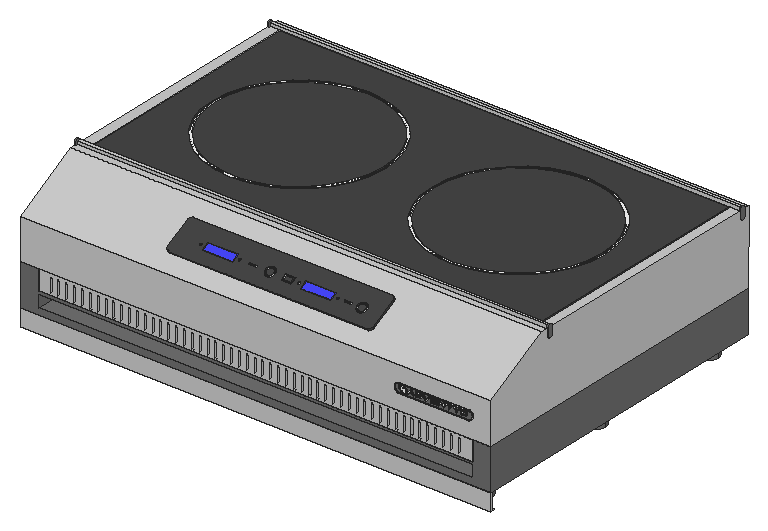
Revit family "QF_ADVENTYS_OCTOPUS_PACK_1_250926092548", category Specialty Equipment, Revit 2021
Family settings
  Round Connector Dimension = Use Diameter
  Part Type = Normal
  OmniClass Number = 23.40.40.14
  OmniClass Title = Food Service Equipment
  Work Plane-Based = No
  Always vertical = Yes
  Cut with Voids When Loaded = No
  Shared = No
  Room Calculation Point = No
Parameters (values of type "ADV1945")
  Weight in Pounds [instance] = 0
  Weight = 12.00 kg
  Warranty Start Date [instance] = ""
  Warranty Duration [instance] = ""
  Volts [instance] = 230 V
  URL Recommended Spares List = ""
  URL Manufacturer = ""
  URL Cutsheet = ""
  URL Critical Spares List = ""
  URL = "www.adventys.com"
  Tag Number [instance] = ""
  Status [instance] = ""
  Specification by User [instance] = ""
  Specification by Manufacturer [instance] = ""
  Sound Level [instance] = ""
  Solid Fuel Type [instance] = ""
  Service Life Duration [instance] = ""
  Serial Number [instance] = ""
  Seismic Rating [instance] = ""
  SMACNA No [instance] = ""
  Revision Code [instance] = ""
  Revision [instance] = ""
  Production Year [instance] = ""
  Point Load [instance] = 0
  Phase [instance] = 1
  Other Equipment Approvals [instance] = ""
  Number of Poles [instance] = 2
  NAFEM Spec ID Number [instance] = ""
  Model Warning [instance] = ""
  Model = "OCTOPUS PACK 1"
  Min Ckt Ampacity [instance] = 0 A
  Max Overcurrent Protection [instance] = 16 A
  Masterspec [instance] = ""
  Manufacturer = "ADVENTYS"
  Length Actual = 600 mm
  Item Number [instance] = ""
  Installed By [instance] = ""
  Installation Date [instance] = ""
  Identify Quantity as Lot [instance] = no
  ID [instance] = ""
  Hygiene Approval [instance] = ""
  Hot Water Consumption = 0.0 L/s
  Height Actual = 174 mm
  HP power [instance] = ""
  Furnished By [instance] = ""
  Foodservice Equipment Identifier [instance] = no
  FL Amps [instance] = 10 A
  Electrical Remarks [instance] = "Plug not included"
  Electric power [instance] = 0 W
  Electric Connection Type [instance] = "Cord&Plug"
  Elec Conn RI Height [instance] = 0 mm
  Elec Conn Connection Height [instance] = 0 mm
  ETL Approved [instance] = no
  Description = "OCTOPUS PACK 1 INDUCTION BBQ"
  Depth Actual = 410 mm
  Default Elevation = 0 mm
  Cycle [instance] = 50 Hz
  Cost = 2215
  Conn Plug [instance] = ""
  Conn Conduit [instance] = no
  CSI MasterFormat [instance] = ""
  CE Approved [instance] = no
  Barcode [instance] = 0
  Author [instance] = ""
  Asset Identifier [instance] = ""
  Apparent Power [instance] = 3500 VA
  Accessory = no
Reference planes
  plane 1 "Center (Front/Back)": y = 0
  plane 2: z = 0
  plane 3 "Center (Left/Right)": x = 0
Forms (mm)
  Extrusion 1, solid, not visible
    sketch origin (300.015, -2, 115.006) x (1, 0, 0) y (0, 1, 0)
      loop
        line (-2, 2) -> (-2, -2) -> (2, -2) -> (2, 2) -> (-2, 2)
    from -2 to 2
Dimensions and locks
  locked: Extrusion 1 to nested 2
  locked: nested 2 to Extrusion 1 at 2
  aligned and locked: level to plane 2
Nested families
  nested 1: "QF_ADVENTYS_ADV1945_2916" at (0, 0, 0), type "ADV1945"
    with Status "", Show Logo yes, Show Clearance yes
  nested 2: "CONN_POINT_ELE_2D___Generic_Annotation" at (300.015, 0, 115.006), type "CONN_POINT_ELE_2D___Generic_Annotation"
    with Onboard connection annotation symbol visibility yes
Connectors
  electrical at (300.015, 0, 115.006), driven by "Apparent Power", driven by "Number of Poles", driven by "Volts"
    settings: on Extrusion 1, index 1, voltage 230 V, apparent load 0 VA, apparent load phase1 3500 VA, apparent load phase2 0 VA, apparent load phase3 0 VA, power factor 1, load classification "Other", number of poles 2, system type 31, power factor state 1, is connector primary yes, connector utility no, sub classification motor no, connector description "Electrical connection for OCTOPUS PACK 1"
Definition of nested family "QF_ADVENTYS_ADV1945_2916"
  Parameters (values of type "ADV1951")
    URL = "www.adventys.com"
    Status [instance] = ""
    Show Logo [instance] = yes
    Show Clearance [instance] = yes
    Model = "OCTOPUS PACK 2"
    Manufacturer = "ADVENTYS"
    Description = "OCTOPUS PACK 2 INDUCTION BBQ"
    Default Elevation = 0 mm
    Author = "SPECIFI"
    Assembly Code = "E1090320"
  Types (2, lengths in mm): name | Model | Description
    ADV1945 | "OCTOPUS PACK 1" | "OCTOPUS PACK 1 INDUCTION BBQ"
    ADV1951 | "OCTOPUS PACK 2" | "OCTOPUS PACK 2 INDUCTION BBQ"
  Reference planes
    plane 1 "Back": y = 0
    plane 2: z = 0
    plane 3 "Left": x = 0
    plane 4 "Right": x = 600
    plane 5 "Front": y = -410
    plane 6 "Top": z = 174
  Forms (mm)
    Extrusion 1, solid
      sketch origin (0, -550, -8.601) x (0, 1, 0) y (0, 0, 1)
        loop
          line (221.13, 177.601) -> (140, 134.464) -> (140, 82.601) -> (539.79, 82.601) -> (550, 82.601) -> (550, 177.601) -> (221.13, 177.601)
      from 0 to 600
    Extrusion 2, solid
      sketch origin (2.404, 0, 0) x (1, 0, 0) y (0, 1, 0)
        loop
          line (-2.404, 0) -> (-2.404, -410) -> (597.596, -410) -> (597.596, 0) -> (-2.404, 0)
      from 21.787 to 74
    Extrusion 3, solid
      sketch origin (63.285, 202.215, 0) x (-1, 0, 0) y (0, -1, 0)
        loop
          circle (35.053, 407.215) r 10
      from 0 to 21.787
    Extrusion 4, solid
      sketch origin (536.715, 202.215, 0) x (1, 0, 0) y (0, 1, 0)
        loop
          circle (35.053, -407.215) r 10
      from 0 to 21.787
    Extrusion 5, solid
      sketch origin (264.947, 202.215, 0) x (1, 0, 0) y (0, 1, 0)
        loop
          circle (35.053, -407.215) r 10
      from 0 to 21.787
    Extrusion 6, solid
      sketch origin (63.285, 382.215, 0) x (-1, 0, 0) y (0, -1, 0)
        loop
          circle (35.053, 407.215) r 10
      from 0 to 21.787
    Extrusion 7, solid
      sketch origin (536.715, 382.215, 0) x (1, 0, 0) y (0, 1, 0)
        loop
          circle (35.053, -407.215) r 10
      from 0 to 21.787
    Extrusion 8, solid
      sketch origin (264.947, 382.215, 0) x (1, 0, 0) y (0, 1, 0)
        loop
          circle (35.053, -407.215) r 10
      from 0 to 21.787
    Extrusion 9, solid
      sketch origin (63.285, 22.215, 0) x (-1, 0, 0) y (0, -1, 0)
        loop
          circle (35.053, 407.215) r 10
      from 0 to 21.787
    Extrusion 10, solid
      sketch origin (536.715, 22.215, 0) x (1, 0, 0) y (0, 1, 0)
        loop
          circle (35.053, -407.215) r 10
      from 0 to 21.787
    Extrusion 11, solid
      sketch origin (264.947, 22.215, 0) x (1, 0, 0) y (0, 1, 0)
        loop
          circle (35.053, -407.215) r 10
      from 0 to 21.787
    Extrusion 12, solid
      sketch origin (0, 0, -3.891) x (1, 0, 0) y (0, 1, 0)
        loop
          line (587, -13) -> (13, -13) -> (13, -315.87) -> (587, -315.87) -> (587, -13)
        loop
          circle (160.246, -165.706) r 110
        loop
          circle (160.246, -165.706) r 107.317
        loop
          circle (439.754, -165.706) r 110
        loop
          circle (439.754, -165.706) r 107.317
      from 167.891 to 172.891
    Extrusion 13, solid
      sketch origin (0, 0, -37) x (1, 0, 0) y (0, 1, 0)
        loop
          circle (160.246, -165.706) r 107.317
        loop
          circle (160.246, -165.706) r 110
        loop
          circle (439.754, -165.706) r 110
        loop
          circle (439.754, -165.706) r 107.317
      from 201 to 206
    Extrusion 14, void
      sketch origin (0, 0, -1.619) x (1, 0, 0) y (0, 1, 0)
        loop
          line (13, -13) -> (13, -315.87) -> (587, -315.87) -> (587, -13) -> (13, -13)
      from 135.619 to 170.619
    Extrusion 15, solid, visible <- "Show Logo"
      sketch origin (393.943, -233.43, 524.164) x (1, 0, 0) y (0, 0, 1)
        loop
          arc (90.747, -420.243) -> (90.089, -420.516) -> (89.816, -421.174) r 0.932
          line (89.816, -421.174) -> (89.816, -423.478)
          arc (89.816, -423.478) -> (90.103, -424.151) -> (90.787, -424.409) r 0.932
          line (90.787, -424.409) -> (90.787, -422.665)
          arc (90.787, -422.665) -> (91.269, -421.705) -> (92.271, -421.319) r 1.491
          line (92.271, -421.319) -> (96.249, -421.319)
          arc (96.249, -421.319) -> (96.037, -420.569) -> (95.329, -420.243) r 0.932
          line (95.329, -420.243) -> (90.747, -420.243)
        loop
          arc (90.747, -419.684) -> (89.693, -420.12) -> (89.257, -421.174) r 1.491
          line (89.257, -421.174) -> (89.257, -423.478)
          arc (89.257, -423.478) -> (89.707, -424.546) -> (90.787, -424.969) r 1.491
          arc (90.787, -424.969) -> (91.169, -426.117) -> (92.278, -426.604) r 1.491
          arc (92.278, -426.604) -> (92.709, -427.667) -> (93.768, -428.109) r 1.491
          line (93.768, -428.109) -> (97.986, -428.109)
          arc (97.986, -428.109) -> (99.04, -427.672) -> (99.476, -426.618) r 1.491
          line (99.476, -426.618) -> (99.476, -424.46)
          arc (99.476, -424.46) -> (99.034, -423.4) -> (97.97, -422.969) r 1.491
          arc (97.97, -422.969) -> (97.698, -421.939) -> (96.809, -421.354) r 1.491
          arc (96.809, -421.354) -> (96.444, -420.186) -> (95.329, -419.684) r 1.491
          line (95.329, -419.684) -> (90.747, -419.684)
        loop
          arc (97.986, -427.549) -> (98.644, -427.277) -> (98.917, -426.618) r 0.932
          line (98.917, -426.618) -> (98.917, -424.46)
          arc (98.917, -424.46) -> (98.642, -423.798) -> (97.979, -423.528) r 0.932
          line (97.979, -423.528) -> (97.979, -425.113)
          arc (97.979, -425.113) -> (97.542, -426.167) -> (96.488, -426.604) r 1.491
          line (96.488, -426.604) -> (92.837, -426.604)
          arc (92.837, -426.604) -> (93.105, -427.272) -> (93.768, -427.549) r 0.932
          line (93.768, -427.549) -> (97.986, -427.549)
        loop
          arc (100.559, -425.658) -> (100.618, -426.4) -> (101.362, -426.381) r 0.541
          line (101.362, -426.381) -> (102.39, -425.352) -> (106.472, -425.352) -> (107.5, -426.381)
          arc (107.5, -426.381) -> (108.245, -426.4) -> (108.303, -425.658) r 0.541
          line (108.303, -425.658) -> (104.431, -420.876) -> (100.559, -425.658)
        loop
          line (104.431, -422.798) -> (103.121, -424.416) -> (105.742, -424.416) -> (104.431, -422.798)
        loop
          line (110.097, -420.967) -> (110.097, -426.469) -> (115.28, -426.469)
          arc (115.28, -426.469) -> (118.031, -423.718) -> (115.28, -420.967) r 2.751
          line (115.28, -420.967) -> (110.097, -420.967)
        loop
          line (115.28, -422.414) -> (111.544, -422.414) -> (111.544, -425.021) -> (115.28, -425.021)
          arc (115.28, -425.021) -> (116.584, -423.718) -> (115.28, -422.414) r 1.304
        loop
          arc (120.698, -421.286) -> (119.953, -421.266) -> (119.895, -422.009) r 0.541
          line (119.895, -422.009) -> (123.767, -426.79) -> (127.639, -422.009)
          arc (127.639, -422.009) -> (127.581, -421.266) -> (126.836, -421.286) r 0.541
          line (126.836, -421.286) -> (123.767, -425.076) -> (120.698, -421.286)
        loop
          line (136.8, -420.902) -> (129.475, -420.902) -> (129.475, -426.469) -> (136.8, -426.469)
          arc (136.8, -426.469) -> (137.365, -425.903) -> (136.8, -425.338) r 0.565
          line (136.8, -425.338) -> (130.745, -425.338) -> (130.745, -424.223) -> (136.8, -424.223)
          arc (136.8, -424.223) -> (137.311, -423.712) -> (136.8, -423.2) r 0.512
          line (136.8, -423.2) -> (130.745, -423.2) -> (130.745, -422.033) -> (136.8, -422.033)
          arc (136.8, -422.033) -> (137.365, -421.467) -> (136.8, -420.902) r 0.565
        loop
          line (139.068, -421.677) -> (139.068, -425.823)
          arc (139.068, -425.823) -> (139.669, -426.424) -> (140.271, -425.823) r 0.602
          line (140.271, -425.823) -> (140.271, -422.792) -> (145.631, -426.141)
          arc (145.631, -426.141) -> (146.501, -426.164) -> (146.942, -425.415) r 0.857
          line (146.942, -425.415) -> (146.942, -421.569)
          arc (146.942, -421.569) -> (146.308, -420.934) -> (145.674, -421.569) r 0.634
          line (145.674, -421.569) -> (145.674, -424.503) -> (140.172, -421.065)
          arc (140.172, -421.065) -> (139.44, -421.046) -> (139.068, -421.677) r 0.722
        loop
          arc (149.484, -421.01) -> (148.787, -421.706) -> (149.484, -422.403) r 0.697
          line (149.484, -422.403) -> (152.009, -422.403) -> (152.009, -425.553)
          arc (152.009, -425.553) -> (152.679, -426.223) -> (153.349, -425.553) r 0.67
          line (153.349, -425.553) -> (153.349, -422.403) -> (155.755, -422.403)
          arc (155.755, -422.403) -> (156.451, -421.706) -> (155.755, -421.01) r 0.697
          line (155.755, -421.01) -> (149.484, -421.01)
        loop
          line (162.43, -422.867) -> (159.667, -421.003)
          arc (159.667, -421.003) -> (158.731, -421.185) -> (158.913, -422.121) r 0.674
          line (158.913, -422.121) -> (161.676, -423.984) -> (161.676, -425.589)
          arc (161.676, -425.589) -> (162.43, -426.343) -> (163.183, -425.589) r 0.754
          line (163.183, -425.589) -> (163.183, -423.984) -> (165.946, -422.121)
          arc (165.946, -422.121) -> (166.128, -421.185) -> (165.193, -421.003) r 0.674
          line (165.193, -421.003) -> (162.43, -422.867)
        loop
          line (175.165, -421.01) -> (169.944, -421.01)
          arc (169.944, -421.01) -> (168.347, -422.607) -> (169.944, -424.204) r 1.597
          line (169.944, -424.204) -> (174.25, -424.204)
          arc (174.25, -424.204) -> (174.832, -424.786) -> (174.25, -425.367) r 0.582
          line (174.25, -425.367) -> (169.004, -425.367)
          arc (169.004, -425.367) -> (168.522, -425.849) -> (169.004, -426.33) r 0.481
          line (169.004, -426.33) -> (174.766, -426.33)
          arc (174.766, -426.33) -> (175.86, -424.583) -> (174.297, -423.239) r 1.581
          line (174.297, -423.239) -> (169.86, -423.239)
          arc (169.86, -423.239) -> (169.227, -422.606) -> (169.86, -421.972) r 0.634
          line (169.86, -421.972) -> (175.165, -421.972)
          arc (175.165, -421.972) -> (175.646, -421.491) -> (175.165, -421.01) r 0.481
        loop
          arc (89.143, -418.621) -> (83.834, -423.931) -> (89.143, -429.24) r 5.309
          line (89.143, -429.24) -> (177.422, -429.24)
          arc (177.422, -429.24) -> (182.731, -423.931) -> (177.422, -418.621) r 5.309
          line (177.422, -418.621) -> (89.143, -418.621)
        loop
          arc (89.143, -418.07) -> (83.283, -423.931) -> (89.143, -429.791) r 5.861
          line (89.143, -429.791) -> (177.422, -429.791)
          arc (177.422, -429.791) -> (183.283, -423.931) -> (177.422, -418.07) r 5.861
          line (177.422, -418.07) -> (89.143, -418.07)
      from 176.77 to 176.97
    Extrusion 16, solid, visible <- "Show Logo"
      sketch origin (393.943, -410.4, 524.164) x (1, 0, 0) y (0, 0, 1)
        loop
          arc (177.422, -429.791) -> (183.283, -423.931) -> (177.422, -418.07) r 5.861
          line (177.422, -418.07) -> (89.143, -418.07)
          arc (89.143, -418.07) -> (83.283, -423.931) -> (89.143, -429.791) r 5.861
          line (89.143, -429.791) -> (177.422, -429.791)
      from -0.2 to -0.4
    Extrusion 17, solid
      sketch origin (145, 2.786, 183.387) x (1, 0, 0) y (0, 0.882948, 0.469472)
        loop
          arc (29, -323.032) -> (25.464, -324.496) -> (24, -328.032) r 5
          line (24, -328.032) -> (24, -363.032)
          arc (24, -363.032) -> (25.464, -366.568) -> (29, -368.032) r 5
          line (29, -368.032) -> (281, -368.032)
          arc (281, -368.032) -> (284.536, -366.568) -> (286, -363.032) r 5
          line (286, -363.032) -> (286, -328.032)
          arc (286, -328.032) -> (284.536, -324.496) -> (281, -323.032) r 5
          line (281, -323.032) -> (29, -323.032)
        loop
          line (60.982, -343.032) -> (60.982, -353.032) -> (98.982, -353.032) -> (98.982, -343.032) -> (60.982, -343.032)
        loop
          line (185.982, -343.032) -> (185.982, -353.032) -> (223.982, -353.032) -> (223.982, -343.032) -> (185.982, -343.032)
        loop
          circle (260.635, -348.032) r 5
        loop
          circle (260.635, -348.032) r 6
        loop
          line (247.471, -348.768) -> (247.471, -347.3) -> (238.597, -347.3) -> (238.597, -348.768) -> (247.471, -348.768)
        loop
          circle (229.804, -348.087) r 1
        loop
          circle (180.159, -348.087) r 1
        loop
          line (172.885, -352.032) -> (172.885, -344.032) -> (160.885, -344.032) -> (160.885, -352.032) -> (172.885, -352.032)
        loop
          line (171.885, -345.032) -> (161.885, -345.032) -> (161.885, -351.032) -> (171.885, -351.032) -> (171.885, -345.032)
        loop
          circle (143.629, -348.032) r 5
        loop
          circle (143.629, -348.032) r 6
        loop
          line (126.024, -348.768) -> (126.024, -347.3) -> (117.15, -347.3) -> (117.15, -348.768) -> (126.024, -348.768)
        loop
          circle (104.804, -348.087) r 1
        loop
          circle (55.159, -348.087) r 1
      from 143 to 145
    Extrusion 18, solid
      sketch origin (145, 2.786, 183.387) x (1, 0, 0) y (0, 0.882948, 0.469472)
        loop
          circle (260.635, -348.032) r 5
        loop
          line (247.471, -347.3) -> (238.597, -347.3) -> (238.597, -348.768) -> (247.471, -348.768) -> (247.471, -347.3)
        loop
          line (161.885, -351.032) -> (171.885, -351.032) -> (171.885, -345.032) -> (161.885, -345.032) -> (161.885, -351.032)
        loop
          circle (143.629, -348.032) r 5
        loop
          line (160.885, -344.032) -> (160.885, -352.032) -> (172.885, -352.032) -> (172.885, -344.032) -> (160.885, -344.032)
        loop
          circle (260.635, -348.032) r 6
        loop
          circle (143.629, -348.032) r 6
        loop
          line (126.024, -347.3) -> (117.15, -347.3) -> (117.15, -348.768) -> (126.024, -348.768) -> (126.024, -347.3)
        loop
          circle (229.804, -348.087) r 1
        loop
          circle (180.159, -348.087) r 1
        loop
          circle (104.804, -348.087) r 1
        loop
          circle (55.159, -348.087) r 1
      from 143 to 145
    Extrusion 19, solid
      sketch origin (165, 2.786, 183.387) x (1, 0, 0) y (0, 0.882948, 0.469472)
        loop
          line (40.982, -343.032) -> (40.982, -353.032) -> (78.982, -353.032) -> (78.982, -343.032) -> (40.982, -343.032)
        loop
          line (165.982, -343.032) -> (165.982, -353.032) -> (203.982, -353.032) -> (203.982, -343.032) -> (165.982, -343.032)
      from 143 to 145
    Extrusion 20, void
      sketch origin (2.404, -410, 0) x (1, 0, 0) y (0, 0, 1)
        loop
          line (574.596, 74) -> (20.596, 74) -> (20.596, 49) -> (574.596, 49) -> (574.596, 74)
        loop
          line (20.596, 30) -> (574.596, 30) -> (574.596, 46) -> (20.596, 46) -> (20.596, 30)
      from 0 to -397
    Extrusion 21, solid
      sketch origin (2.404, -410, 0) x (1, 0, 0) y (0, 0, 1)
        loop
          line (20.596, 74) -> (20.596, 49) -> (574.596, 49) -> (574.596, 74) -> (20.596, 74)
        loop
          line (558.578, 70.797) -> (555.988, 70.797) -> (555.988, 51.929) -> (558.578, 51.929) -> (558.578, 70.797)
        loop
          line (548.578, 70.797) -> (545.988, 70.797) -> (545.988, 51.929) -> (548.578, 51.929) -> (548.578, 70.797)
        loop
          line (538.578, 70.797) -> (535.988, 70.797) -> (535.988, 51.929) -> (538.578, 51.929) -> (538.578, 70.797)
        loop
          line (528.578, 70.797) -> (525.988, 70.797) -> (525.988, 51.929) -> (528.578, 51.929) -> (528.578, 70.797)
        loop
          line (518.578, 70.797) -> (515.988, 70.797) -> (515.988, 51.929) -> (518.578, 51.929) -> (518.578, 70.797)
        loop
          line (508.578, 70.797) -> (505.988, 70.797) -> (505.988, 51.929) -> (508.578, 51.929) -> (508.578, 70.797)
        loop
          line (498.578, 70.797) -> (495.988, 70.797) -> (495.988, 51.929) -> (498.578, 51.929) -> (498.578, 70.797)
        loop
          line (488.578, 70.797) -> (485.988, 70.797) -> (485.988, 51.929) -> (488.578, 51.929) -> (488.578, 70.797)
        loop
          line (478.578, 70.797) -> (475.988, 70.797) -> (475.988, 51.929) -> (478.578, 51.929) -> (478.578, 70.797)
        loop
          line (468.578, 70.797) -> (465.988, 70.797) -> (465.988, 51.929) -> (468.578, 51.929) -> (468.578, 70.797)
        loop
          line (458.578, 70.797) -> (455.988, 70.797) -> (455.988, 51.929) -> (458.578, 51.929) -> (458.578, 70.797)
        loop
          line (448.578, 70.797) -> (445.988, 70.797) -> (445.988, 51.929) -> (448.578, 51.929) -> (448.578, 70.797)
        loop
          line (438.578, 70.797) -> (435.988, 70.797) -> (435.988, 51.929) -> (438.578, 51.929) -> (438.578, 70.797)
        loop
          line (428.578, 70.797) -> (425.988, 70.797) -> (425.988, 51.929) -> (428.578, 51.929) -> (428.578, 70.797)
        loop
          line (418.578, 70.797) -> (415.988, 70.797) -> (415.988, 51.929) -> (418.578, 51.929) -> (418.578, 70.797)
        loop
          line (408.578, 70.797) -> (405.988, 70.797) -> (405.988, 51.929) -> (408.578, 51.929) -> (408.578, 70.797)
        loop
          line (398.578, 70.797) -> (395.988, 70.797) -> (395.988, 51.929) -> (398.578, 51.929) -> (398.578, 70.797)
        loop
          line (388.578, 70.797) -> (385.988, 70.797) -> (385.988, 51.929) -> (388.578, 51.929) -> (388.578, 70.797)
        loop
          line (378.578, 70.797) -> (375.988, 70.797) -> (375.988, 51.929) -> (378.578, 51.929) -> (378.578, 70.797)
        loop
          line (368.578, 70.797) -> (365.988, 70.797) -> (365.988, 51.929) -> (368.578, 51.929) -> (368.578, 70.797)
        loop
          line (358.578, 70.797) -> (355.988, 70.797) -> (355.988, 51.929) -> (358.578, 51.929) -> (358.578, 70.797)
        loop
          line (348.578, 70.797) -> (345.988, 70.797) -> (345.988, 51.929) -> (348.578, 51.929) -> (348.578, 70.797)
        loop
          line (338.578, 70.797) -> (335.988, 70.797) -> (335.988, 51.929) -> (338.578, 51.929) -> (338.578, 70.797)
        loop
          line (328.578, 70.797) -> (325.988, 70.797) -> (325.988, 51.929) -> (328.578, 51.929) -> (328.578, 70.797)
        loop
          line (318.578, 70.797) -> (315.988, 70.797) -> (315.988, 51.929) -> (318.578, 51.929) -> (318.578, 70.797)
        loop
          line (308.578, 70.797) -> (305.988, 70.797) -> (305.988, 51.929) -> (308.578, 51.929) -> (308.578, 70.797)
        loop
          line (298.578, 70.797) -> (295.988, 70.797) -> (295.988, 51.929) -> (298.578, 51.929) -> (298.578, 70.797)
        loop
          line (288.578, 70.797) -> (285.988, 70.797) -> (285.988, 51.929) -> (288.578, 51.929) -> (288.578, 70.797)
        loop
          line (278.578, 70.797) -> (275.988, 70.797) -> (275.988, 51.929) -> (278.578, 51.929) -> (278.578, 70.797)
        loop
          line (268.578, 70.797) -> (265.988, 70.797) -> (265.988, 51.929) -> (268.578, 51.929) -> (268.578, 70.797)
        loop
          line (258.578, 70.797) -> (255.988, 70.797) -> (255.988, 51.929) -> (258.578, 51.929) -> (258.578, 70.797)
        loop
          line (248.578, 70.797) -> (245.988, 70.797) -> (245.988, 51.929) -> (248.578, 51.929) -> (248.578, 70.797)
        loop
          line (238.578, 70.797) -> (235.988, 70.797) -> (235.988, 51.929) -> (238.578, 51.929) -> (238.578, 70.797)
        loop
          line (228.578, 70.797) -> (225.988, 70.797) -> (225.988, 51.929) -> (228.578, 51.929) -> (228.578, 70.797)
        loop
          line (218.578, 70.797) -> (215.988, 70.797) -> (215.988, 51.929) -> (218.578, 51.929) -> (218.578, 70.797)
        loop
          line (208.578, 70.797) -> (205.988, 70.797) -> (205.988, 51.929) -> (208.578, 51.929) -> (208.578, 70.797)
        loop
          line (198.578, 70.797) -> (195.988, 70.797) -> (195.988, 51.929) -> (198.578, 51.929) -> (198.578, 70.797)
        loop
          line (188.578, 70.797) -> (185.988, 70.797) -> (185.988, 51.929) -> (188.578, 51.929) -> (188.578, 70.797)
        loop
          line (178.578, 70.797) -> (175.988, 70.797) -> (175.988, 51.929) -> (178.578, 51.929) -> (178.578, 70.797)
        loop
          line (168.578, 70.797) -> (165.988, 70.797) -> (165.988, 51.929) -> (168.578, 51.929) -> (168.578, 70.797)
        loop
          line (158.578, 70.797) -> (155.988, 70.797) -> (155.988, 51.929) -> (158.578, 51.929) -> (158.578, 70.797)
        loop
          line (148.578, 70.797) -> (145.988, 70.797) -> (145.988, 51.929) -> (148.578, 51.929) -> (148.578, 70.797)
        loop
          line (138.578, 70.797) -> (135.988, 70.797) -> (135.988, 51.929) -> (138.578, 51.929) -> (138.578, 70.797)
        loop
          line (128.578, 70.797) -> (125.988, 70.797) -> (125.988, 51.929) -> (128.578, 51.929) -> (128.578, 70.797)
        loop
          line (118.578, 70.797) -> (115.988, 70.797) -> (115.988, 51.929) -> (118.578, 51.929) -> (118.578, 70.797)
        loop
          line (108.578, 70.797) -> (105.988, 70.797) -> (105.988, 51.929) -> (108.578, 51.929) -> (108.578, 70.797)
        loop
          line (98.578, 70.797) -> (95.988, 70.797) -> (95.988, 51.929) -> (98.578, 51.929) -> (98.578, 70.797)
        loop
          line (88.578, 70.797) -> (85.988, 70.797) -> (85.988, 51.929) -> (88.578, 51.929) -> (88.578, 70.797)
        loop
          line (78.578, 70.797) -> (75.988, 70.797) -> (75.988, 51.929) -> (78.578, 51.929) -> (78.578, 70.797)
        loop
          line (68.578, 70.797) -> (65.988, 70.797) -> (65.988, 51.929) -> (68.578, 51.929) -> (68.578, 70.797)
        loop
          line (58.578, 70.797) -> (55.988, 70.797) -> (55.988, 51.929) -> (58.578, 51.929) -> (58.578, 70.797)
        loop
          line (48.578, 70.797) -> (45.988, 70.797) -> (45.988, 51.929) -> (48.578, 51.929) -> (48.578, 70.797)
        loop
          line (38.578, 70.797) -> (35.988, 70.797) -> (35.988, 51.929) -> (38.578, 51.929) -> (38.578, 70.797)
      from 0 to -5
    Extrusion 22, solid
      sketch origin (0, -550, -8.601) x (0, -1, 0) y (0, 0, 1)
        loop
          line (-140, 30.388) -> (-140.98, 30.388) -> (-140.98, 9.601) -> (-145, 9.601) -> (-145, 8.601) -> (-140, 8.601) -> (-140, 30.388)
      from 0 to -600
    Extrusion 23, solid
      sketch origin (0, -550, -8.601) x (0, -1, 0) y (0, 0, 1)
        loop
          line (-234.13, 177.601) -> (-230.13, 177.601) -> (-230.13, 181.568) -> (-234.13, 181.568) -> (-234.13, 177.601)
        loop
          line (-541, 177.601) -> (-537, 177.601) -> (-537, 181.568) -> (-541, 181.568) -> (-541, 177.601)
      from 0 to -600
    Extrusion 24, solid
      sketch origin (0, 220.202, -8.601) x (0, 1, 0) y (0, 0, -1)
        loop
          arc (-234.13, -179.651) -> (-231.18, -182.601) -> (-228.229, -179.651) r 2.95
          line (-228.229, -179.651) -> (-228.229, -170.717)
          arc (-228.229, -170.717) -> (-231.18, -167.767) -> (-234.13, -170.717) r 2.95
          line (-234.13, -170.717) -> (-234.13, -179.651)
      from 0 to 2
    Extrusion 25, solid
      sketch origin (600, 220.202, -8.601) x (0, 1, 0) y (0, 0, 1)
        loop
          line (-234.13, 179.651) -> (-234.13, 170.717)
          arc (-234.13, 170.717) -> (-231.18, 167.767) -> (-228.229, 170.717) r 2.95
          line (-228.229, 170.717) -> (-228.229, 179.651)
          arc (-228.229, 179.651) -> (-231.18, 182.601) -> (-234.13, 179.651) r 2.95
      from 0 to 2
    Extrusion 26, solid
      sketch origin (0, -549.072, -8.601) x (0, -1, 0) y (0, 0, 1)
        loop
          line (-234.13, 179.651) -> (-234.13, 170.717)
          arc (-234.13, 170.717) -> (-231.18, 167.767) -> (-228.229, 170.717) r 2.95
          line (-228.229, 170.717) -> (-228.229, 179.651)
          arc (-228.229, 179.651) -> (-231.18, 182.601) -> (-234.13, 179.651) r 2.95
      from 0 to 2
    Extrusion 27, solid
      sketch origin (600, -549.072, -8.601) x (0, -1, 0) y (0, 0, -1)
        loop
          arc (-234.13, -179.651) -> (-231.18, -182.601) -> (-228.229, -179.651) r 2.95
          line (-228.229, -179.651) -> (-228.229, -170.717)
          arc (-228.229, -170.717) -> (-231.18, -167.767) -> (-234.13, -170.717) r 2.95
          line (-234.13, -170.717) -> (-234.13, -179.651)
      from 0 to 2
    Extrusion 28, solid
      sketch origin (140.165, 0, 65) x (0, 1, 0) y (0, 0, 1)
        loop
          line (0, 79.125) -> (0, 73.484) -> (5.641, 73.484)
          arc (5.641, 73.484) -> (3.989, 77.473) -> (0, 79.125) r 5.641
      from 140.518 to 177.644
    Extrusion 29, solid
      sketch origin (195.165, 0, 65) x (0, 1, 0) y (0, 0, 1)
        loop
          line (0, 79.125) -> (0, 73.484) -> (5.641, 73.484)
          arc (5.641, 73.484) -> (3.989, 77.473) -> (0, 79.125) r 5.641
        loop
          line (0, 61.125) -> (0, 55.484) -> (5.641, 55.484)
          arc (5.641, 55.484) -> (3.989, 59.473) -> (0, 61.125) r 5.641
        loop
          line (0, 43.125) -> (0, 37.484) -> (5.641, 37.484)
          arc (5.641, 37.484) -> (3.989, 41.473) -> (0, 43.125) r 5.641
      from 140.518 to 177.644
    Extrusion 30, solid
      sketch origin (85.165, 0, 65) x (0, 1, 0) y (0, 0, 1)
        loop
          line (0, 79.125) -> (0, 73.484) -> (5.641, 73.484)
          arc (5.641, 73.484) -> (3.989, 77.473) -> (0, 79.125) r 5.641
        loop
          line (0, 61.125) -> (0, 55.484) -> (5.641, 55.484)
          arc (5.641, 55.484) -> (3.989, 59.473) -> (0, 61.125) r 5.641
        loop
          line (0, 43.125) -> (0, 37.484) -> (5.641, 37.484)
          arc (5.641, 37.484) -> (3.989, 41.473) -> (0, 43.125) r 5.641
      from 140.518 to 177.644
    Extrusion 31, solid
      sketch origin (30.165, 0, 65) x (0, 1, 0) y (0, 0, 1)
        loop
          line (0, 79.125) -> (0, 73.484) -> (5.641, 73.484)
          arc (5.641, 73.484) -> (3.989, 77.473) -> (0, 79.125) r 5.641
        loop
          line (0, 61.125) -> (0, 55.484) -> (5.641, 55.484)
          arc (5.641, 55.484) -> (3.989, 59.473) -> (0, 61.125) r 5.641
        loop
          line (0, 43.125) -> (0, 37.484) -> (5.641, 37.484)
          arc (5.641, 37.484) -> (3.989, 41.473) -> (0, 43.125) r 5.641
      from 140.518 to 177.644
    Extrusion 32, solid
      sketch origin (-24.835, 0, 65) x (0, 1, 0) y (0, 0, 1)
        loop
          line (0, 79.125) -> (0, 73.484) -> (5.641, 73.484)
          arc (5.641, 73.484) -> (3.989, 77.473) -> (0, 79.125) r 5.641
        loop
          line (0, 61.125) -> (0, 55.484) -> (5.641, 55.484)
          arc (5.641, 55.484) -> (3.989, 59.473) -> (0, 61.125) r 5.641
        loop
          line (0, 43.125) -> (0, 37.484) -> (5.641, 37.484)
          arc (5.641, 37.484) -> (3.989, 41.473) -> (0, 43.125) r 5.641
      from 140.518 to 177.644
    Extrusion 33, solid
      sketch origin (-79.835, 0, 65) x (0, 1, 0) y (0, 0, 1)
        loop
          line (0, 79.125) -> (0, 73.484) -> (5.641, 73.484)
          arc (5.641, 73.484) -> (3.989, 77.473) -> (0, 79.125) r 5.641
        loop
          line (0, 61.125) -> (0, 55.484) -> (5.641, 55.484)
          arc (5.641, 55.484) -> (3.989, 59.473) -> (0, 61.125) r 5.641
        loop
          line (0, 43.125) -> (0, 37.484) -> (5.641, 37.484)
          arc (5.641, 37.484) -> (3.989, 41.473) -> (0, 43.125) r 5.641
      from 140.518 to 177.644
    Extrusion 34, solid
      sketch origin (250.165, 0, 65) x (0, 1, 0) y (0, 0, 1)
        loop
          line (0, 79.125) -> (0, 73.484) -> (5.641, 73.484)
          arc (5.641, 73.484) -> (3.989, 77.473) -> (0, 79.125) r 5.641
        loop
          line (0, 61.125) -> (0, 55.484) -> (5.641, 55.484)
          arc (5.641, 55.484) -> (3.989, 59.473) -> (0, 61.125) r 5.641
        loop
          line (0, 43.125) -> (0, 37.484) -> (5.641, 37.484)
          arc (5.641, 37.484) -> (3.989, 41.473) -> (0, 43.125) r 5.641
      from 140.518 to 177.644
    Extrusion 35, solid
      sketch origin (305.165, 0, 65) x (0, 1, 0) y (0, 0, 1)
        loop
          line (0, 79.125) -> (0, 73.484) -> (5.641, 73.484)
          arc (5.641, 73.484) -> (3.989, 77.473) -> (0, 79.125) r 5.641
        loop
          line (0, 61.125) -> (0, 55.484) -> (5.641, 55.484)
          arc (5.641, 55.484) -> (3.989, 59.473) -> (0, 61.125) r 5.641
        loop
          line (0, 43.125) -> (0, 37.484) -> (5.641, 37.484)
          arc (5.641, 37.484) -> (3.989, 41.473) -> (0, 43.125) r 5.641
      from 140.518 to 177.644
    Extrusion 36, solid
      sketch origin (360.165, 0, 65) x (0, 1, 0) y (0, 0, 1)
        loop
          line (0, 79.125) -> (0, 73.484) -> (5.641, 73.484)
          arc (5.641, 73.484) -> (3.989, 77.473) -> (0, 79.125) r 5.641
        loop
          line (0, 61.125) -> (0, 55.484) -> (5.641, 55.484)
          arc (5.641, 55.484) -> (3.989, 59.473) -> (0, 61.125) r 5.641
        loop
          line (0, 43.125) -> (0, 37.484) -> (5.641, 37.484)
          arc (5.641, 37.484) -> (3.989, 41.473) -> (0, 43.125) r 5.641
      from 140.518 to 177.644
    Extrusion 37, solid
      sketch origin (0.8, -410, 147.261) x (0, 0, -1) y (1, 0, 0)
        loop
          line (17.261, 309.246) -> (17.261, 289.246)
          arc (17.261, 289.246) -> (18.726, 285.71) -> (22.261, 284.246) r 5
          line (22.261, 284.246) -> (42.261, 284.246)
          arc (42.261, 284.246) -> (45.797, 285.71) -> (47.261, 289.246) r 5
          line (47.261, 289.246) -> (47.261, 309.246)
          arc (47.261, 309.246) -> (45.797, 312.781) -> (42.261, 314.246) r 5
          line (42.261, 314.246) -> (22.261, 314.246)
          arc (22.261, 314.246) -> (18.726, 312.781) -> (17.261, 309.246) r 5
      from -410 to -412
  Cuts and joins
    Extrusion 14 cuts Extrusion 1
    Extrusion 20 cuts Extrusion 2
  Lines and regions (mm)
    symbolic lines
      curve 1: line (600, -410, 0) -> (0, -410, 0)
      curve 2: line (600, 0, 0) -> (600, -410, 0)
      curve 3: line (0, 0, 0) -> (600, 0, 0)
      curve 4: line (0, -410, 0) -> (0, 0, 0)
      curve 5: line (0, -8.028, 0) -> (-2, -8.028, 0)
      curve 6: line (-2, -8.028, 0) -> (-2, -13.928, 0)
      curve 7: line (-2, -13.928, 0) -> (0, -13.928, 0)
      curve 8: line (0, -314.942, 0) -> (-2, -314.942, 0)
      curve 9: line (-2, -314.942, 0) -> (-2, -320.843, 0)
      curve 10: line (-2, -320.843, 0) -> (0, -320.843, 0)
      curve 11: line (600, -314.942, 0) -> (602, -314.942, 0)
      curve 12: line (602, -314.942, 0) -> (602, -320.843, 0)
      curve 13: line (602, -320.843, 0) -> (600, -320.843, 0)
      curve 14: line (600, -8.028, 0) -> (602, -8.028, 0)
      curve 15: line (602, -8.028, 0) -> (602, -13.928, 0)
      curve 16: line (602, -13.928, 0) -> (600, -13.928, 0)
      curve 17: line (600, -328.87, 0) -> (0, -328.87, 0)
      curve 18: line (0, -319.87, 0) -> (600, -319.87, 0)
      curve 19: line (600, -315.87, 0) -> (0, -315.87, 0)
      curve 20: line (13, -315.87, 0) -> (13, -13, 0)
      curve 21: line (0, -13, 0) -> (600, -13, 0)
      curve 22: line (600, -9, 0) -> (0, -9, 0)
      curve 23: line (587, -13, 0) -> (587, -315.87, 0)
      curve 24: arc (332.436, -165.706, 0) -> (439.754, -58.389, 0) -> (547.071, -165.706, 0) r 107.317
      curve 25: arc (549.754, -165.706, 0) -> (439.754, -55.706, 0) -> (329.754, -165.706, 0) r 110
      curve 26: arc (329.754, -165.706, 0) -> (439.754, -275.706, 0) -> (549.754, -165.706, 0) r 110
      curve 27: arc (547.071, -165.706, 0) -> (439.754, -273.023, 0) -> (332.436, -165.706, 0) r 107.317
      curve 28: arc (267.563, -165.706, 0) -> (160.246, -273.023, 0) -> (52.929, -165.706, 0) r 107.317
      curve 29: arc (50.246, -165.706, 0) -> (160.246, -275.706, 0) -> (270.246, -165.706, 0) r 110
      curve 30: arc (270.246, -165.706, 0) -> (160.246, -55.706, 0) -> (50.246, -165.706, 0) r 110
      curve 31: arc (52.929, -165.706, 0) -> (160.246, -58.389, 0) -> (267.563, -165.706, 0) r 107.317
      curve 32: line (431, -385.826, 0) -> (431, -353.983, 0)
      curve 33: spline (431, -354.922, 0) -> (430.957, -354.346, 0) -> (430.83, -353.78, 0) -> (430.619, -353.233, 0) -> (430.33, -352.715, 0) -> (429.967, -352.235, 0) -> (429.536, -351.801, 0) -> (429.044, -351.42, 0) -> (428.5, -351.099, 0) -> (427.913, -350.844, 0) -> (427.294, -350.658, 0) -> (426.653, -350.545, 0) -> (426, -350.508, 0)
      curve 34: line (426, -350.508, 0) -> (174, -350.508, 0)
      curve 35: spline (426, -390.24, 0) -> (426.653, -390.203, 0) -> (427.294, -390.09, 0) -> (427.913, -389.904, 0) -> (428.5, -389.649, 0) -> (429.044, -389.328, 0) -> (429.536, -388.947, 0) -> (429.967, -388.513, 0) -> (430.33, -388.033, 0) -> (430.619, -387.515, 0) -> (430.83, -386.968, 0) -> (430.957, -386.402, 0) -> (431, -385.826, 0)
      curve 36: line (174, -390.24, 0) -> (426, -390.24, 0)
      curve 37: spline (169, -385.826, 0) -> (169.043, -386.402, 0) -> (169.17, -386.968, 0) -> (169.381, -387.515, 0) -> (169.67, -388.033, 0) -> (170.033, -388.513, 0) -> (170.464, -388.947, 0) -> (170.956, -389.328, 0) -> (171.5, -389.649, 0) -> (172.087, -389.904, 0) -> (172.706, -390.09, 0) -> (173.347, -390.203, 0) -> (174, -390.24, 0)
      curve 38: line (169, -353.983, 0) -> (169, -385.826, 0)
      curve 39: spline (174, -350.508, 0) -> (173.347, -350.545, 0) -> (172.706, -350.658, 0) -> (172.087, -350.844, 0) -> (171.5, -351.099, 0) -> (170.956, -351.42, 0) -> (170.464, -351.801, 0) -> (170.033, -352.235, 0) -> (169.67, -352.715, 0) -> (169.381, -353.233, 0) -> (169.17, -353.78, 0) -> (169.043, -354.346, 0) -> (169, -354.922, 0)
      curve 40: line (243.982, -368.167, 0) -> (205.982, -368.167, 0)
      curve 41: line (205.982, -368.167, 0) -> (205.982, -376.996, 0)
      curve 42: line (205.982, -376.996, 0) -> (243.982, -376.996, 0)
      curve 43: line (243.982, -376.996, 0) -> (243.982, -368.167, 0)
      curve 44: spline (201.159, -372.63, 0) -> (201.125, -372.401, 0) -> (201.026, -372.188, 0) -> (200.867, -372.005, 0) -> (200.659, -371.865, 0) -> (200.418, -371.777, 0) -> (200.159, -371.747, 0) -> (199.901, -371.777, 0) -> (199.659, -371.865, 0) -> (199.452, -372.005, 0) -> (199.293, -372.188, 0) -> (199.194, -372.401, 0) -> (199.159, -372.63, 0)
      curve 45: spline (199.159, -372.63, 0) -> (199.194, -372.858, 0) -> (199.293, -373.071, 0) -> (199.452, -373.254, 0) -> (199.659, -373.394, 0) -> (199.901, -373.483, 0) -> (200.159, -373.513, 0) -> (200.418, -373.483, 0) -> (200.659, -373.394, 0) -> (200.867, -373.254, 0) -> (201.026, -373.071, 0) -> (201.125, -372.858, 0) -> (201.159, -372.63, 0)
      curve 46: spline (250.804, -372.63, 0) -> (250.77, -372.401, 0) -> (250.67, -372.188, 0) -> (250.511, -372.005, 0) -> (250.304, -371.865, 0) -> (250.063, -371.777, 0) -> (249.804, -371.747, 0) -> (249.545, -371.777, 0) -> (249.304, -371.865, 0) -> (249.097, -372.005, 0) -> (248.938, -372.188, 0) -> (248.838, -372.401, 0) -> (248.804, -372.63, 0)
      curve 47: spline (248.804, -372.63, 0) -> (248.838, -372.858, 0) -> (248.938, -373.071, 0) -> (249.097, -373.254, 0) -> (249.304, -373.394, 0) -> (249.545, -373.483, 0) -> (249.804, -373.513, 0) -> (250.063, -373.483, 0) -> (250.304, -373.394, 0) -> (250.511, -373.254, 0) -> (250.67, -373.071, 0) -> (250.77, -372.858, 0) -> (250.804, -372.63, 0)
      curve 48: line (271.024, -371.935, 0) -> (262.15, -371.935, 0)
      curve 49: line (262.15, -373.231, 0) -> (271.024, -373.231, 0)
      curve 50: line (262.15, -371.935, 0) -> (262.15, -373.231, 0)
      curve 51: line (271.024, -373.231, 0) -> (271.024, -371.935, 0)
      curve 52: spline (283.629, -372.581, 0) -> (283.8, -371.439, 0) -> (284.299, -370.374, 0) -> (285.094, -369.46, 0) -> (286.129, -368.758, 0) -> (287.335, -368.317, 0) -> (288.629, -368.167, 0) -> (289.923, -368.317, 0) -> (291.129, -368.758, 0) -> (292.165, -369.46, 0) -> (292.959, -370.374, 0) -> (293.459, -371.439, 0) -> (293.629, -372.581, 0)
      curve 53: spline (294.629, -372.581, 0) -> (294.425, -371.21, 0) -> (293.826, -369.933, 0) -> (292.872, -368.835, 0) -> (291.629, -367.993, 0) -> (290.182, -367.464, 0) -> (288.629, -367.284, 0) -> (287.076, -367.464, 0) -> (285.629, -367.993, 0) -> (284.387, -368.835, 0) -> (283.433, -369.933, 0) -> (282.834, -371.21, 0) -> (282.629, -372.581, 0)
      curve 54: spline (293.629, -372.581, 0) -> (293.459, -373.724, 0) -> (292.959, -374.789, 0) -> (292.165, -375.703, 0) -> (291.129, -376.405, 0) -> (289.923, -376.846, 0) -> (288.629, -376.996, 0) -> (287.335, -376.846, 0) -> (286.129, -376.405, 0) -> (285.094, -375.703, 0) -> (284.299, -374.789, 0) -> (283.8, -373.724, 0) -> (283.629, -372.581, 0)
      curve 55: spline (282.629, -372.581, 0) -> (282.834, -373.953, 0) -> (283.433, -375.23, 0) -> (284.387, -376.327, 0) -> (285.629, -377.169, 0) -> (287.076, -377.699, 0) -> (288.629, -377.879, 0) -> (290.182, -377.699, 0) -> (291.629, -377.169, 0) -> (292.872, -376.327, 0) -> (293.826, -375.23, 0) -> (294.425, -373.953, 0) -> (294.629, -372.581, 0)
      curve 56: line (317.885, -376.113, 0) -> (317.885, -369.05, 0)
      curve 57: line (316.885, -369.933, 0) -> (316.885, -375.23, 0)
      curve 58: line (306.885, -369.933, 0) -> (316.885, -369.933, 0)
      curve 59: line (317.885, -369.05, 0) -> (305.885, -369.05, 0)
      curve 60: line (305.885, -369.05, 0) -> (305.885, -376.113, 0)
      curve 61: line (306.885, -375.23, 0) -> (306.885, -369.933, 0)
      curve 62: line (316.885, -375.23, 0) -> (306.885, -375.23, 0)
      curve 63: line (305.885, -376.113, 0) -> (317.885, -376.113, 0)
      curve 64: spline (326.159, -372.63, 0) -> (326.125, -372.401, 0) -> (326.026, -372.188, 0) -> (325.867, -372.005, 0) -> (325.659, -371.865, 0) -> (325.418, -371.777, 0) -> (325.159, -371.747, 0) -> (324.901, -371.777, 0) -> (324.659, -371.865, 0) -> (324.452, -372.005, 0) -> (324.293, -372.188, 0) -> (324.194, -372.401, 0) -> (324.159, -372.63, 0)
      curve 65: spline (324.159, -372.63, 0) -> (324.194, -372.858, 0) -> (324.293, -373.071, 0) -> (324.452, -373.254, 0) -> (324.659, -373.394, 0) -> (324.901, -373.483, 0) -> (325.159, -373.513, 0) -> (325.418, -373.483, 0) -> (325.659, -373.394, 0) -> (325.867, -373.254, 0) -> (326.026, -373.071, 0) -> (326.125, -372.858, 0) -> (326.159, -372.63, 0)
      curve 66: line (330.982, -368.167, 0) -> (330.982, -376.996, 0)
      curve 67: line (368.982, -368.167, 0) -> (330.982, -368.167, 0)
      curve 68: line (330.982, -376.996, 0) -> (368.982, -376.996, 0)
      curve 69: line (368.982, -376.996, 0) -> (368.982, -368.167, 0)
      curve 70: spline (375.804, -372.63, 0) -> (375.77, -372.401, 0) -> (375.67, -372.188, 0) -> (375.511, -372.005, 0) -> (375.304, -371.865, 0) -> (375.063, -371.777, 0) -> (374.804, -371.747, 0) -> (374.545, -371.777, 0) -> (374.304, -371.865, 0) -> (374.097, -372.005, 0) -> (373.938, -372.188, 0) -> (373.838, -372.401, 0) -> (373.804, -372.63, 0)
      curve 71: spline (373.804, -372.63, 0) -> (373.838, -372.858, 0) -> (373.938, -373.071, 0) -> (374.097, -373.254, 0) -> (374.304, -373.394, 0) -> (374.545, -373.483, 0) -> (374.804, -373.513, 0) -> (375.063, -373.483, 0) -> (375.304, -373.394, 0) -> (375.511, -373.254, 0) -> (375.67, -373.071, 0) -> (375.77, -372.858, 0) -> (375.804, -372.63, 0)
      curve 72: line (383.597, -371.935, 0) -> (383.597, -373.231, 0)
      curve 73: line (392.471, -371.935, 0) -> (383.597, -371.935, 0)
      curve 74: line (392.471, -373.231, 0) -> (392.471, -371.935, 0)
      curve 75: line (383.597, -373.231, 0) -> (392.471, -373.231, 0)
      curve 76: spline (400.635, -372.581, 0) -> (400.805, -371.439, 0) -> (401.305, -370.374, 0) -> (402.099, -369.46, 0) -> (403.135, -368.758, 0) -> (404.341, -368.317, 0) -> (405.635, -368.167, 0) -> (406.929, -368.317, 0) -> (408.135, -368.758, 0) -> (409.17, -369.46, 0) -> (409.965, -370.374, 0) -> (410.464, -371.439, 0) -> (410.635, -372.581, 0)
      curve 77: spline (411.635, -372.581, 0) -> (411.43, -371.21, 0) -> (410.831, -369.933, 0) -> (409.877, -368.835, 0) -> (408.635, -367.993, 0) -> (407.188, -367.464, 0) -> (405.635, -367.284, 0) -> (404.082, -367.464, 0) -> (402.635, -367.993, 0) -> (401.392, -368.835, 0) -> (400.438, -369.933, 0) -> (399.839, -371.21, 0) -> (399.635, -372.581, 0)
      curve 78: spline (399.635, -372.581, 0) -> (399.839, -373.953, 0) -> (400.438, -375.23, 0) -> (401.392, -376.327, 0) -> (402.635, -377.169, 0) -> (404.082, -377.699, 0) -> (405.635, -377.879, 0) -> (407.188, -377.699, 0) -> (408.635, -377.169, 0) -> (409.877, -376.327, 0) -> (410.831, -375.23, 0) -> (411.43, -373.953, 0) -> (411.635, -372.581, 0)
      curve 79: spline (400.635, -372.581, 0) -> (400.805, -373.724, 0) -> (401.305, -374.789, 0) -> (402.099, -375.703, 0) -> (403.135, -376.405, 0) -> (404.341, -376.846, 0) -> (405.635, -376.996, 0) -> (406.929, -376.846, 0) -> (408.135, -376.405, 0) -> (409.17, -375.703, 0) -> (409.965, -374.789, 0) -> (410.464, -373.724, 0) -> (410.635, -372.581, 0)
  Dimensions and locks
    plane 3 "Left" to plane 4 "Right" = 600 mm
    plane 5 "Front" to plane 1 "Back" = 410 mm
    plane 6 "Top" to level = 174 mm  (x2)
    aligned and locked: level to plane 2
Definition of nested family "CONN_POINT_ELE_2D___Generic_Annotation"
  Parameters (values of type "CONN_POINT_ELE_2D___Generic_Annotation")
    Onboard connection annotation symbol visibility [instance] = yes
  Reference planes
    plane 1: y = 0
    plane 2: x = 0
  Lines and regions (mm)
    detail lines, visible <- "Onboard connection annotation symbol visibility"
      curve 1: circle (0, 0, 0) r 0.5 normal (0, 0, 1)
      curve 2: line (-1, 0, 0) -> (1, 0, 0)
      curve 3: line (0, 1, 0) -> (0, -1, 0)
      curve 4: line (2.5, 1, 0) -> (1.25, 1, 0)
      curve 5: line (1.25, 1, 0) -> (1.25, -1, 0)
      curve 6: line (1.25, -1, 0) -> (2.5, -1, 0)
      curve 7: line (1.25, 0, 0) -> (2, 0, 0)
